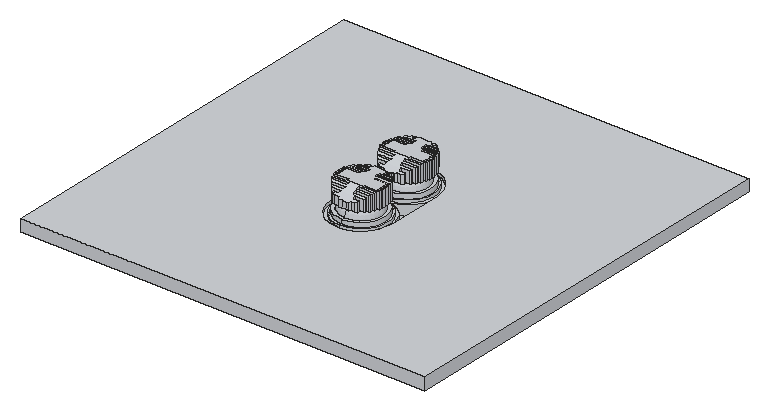
Revit family "Quinta-C100-Square-Double", category Lighting Fixtures, Revit 2014
Parameters (values of type "Quinta C100 Square Double")
  Wattage Comments = "8.3 (each)"
  Wattage = 8.3 W
  built-in parameter 1150110 = 1 (stored number, unit not read)
  Type Comments = "Recessed"
  Type = "Recessed Downlighter"
  built-in parameter 1114217 = 1 (stored number, unit not read)
  built-in parameter 1150109 = 1 (stored number, unit not read)
  built-in parameter 1150134 = (empty or 0)
  built-in parameter 1150113 = 1 (stored number, unit not read)
  Light Source Symbol Size = 609.6 mm
  Dimension (mm) = "186 x 100"
  Model = "Quinta C100 Square Double"
  Manufacturer = "Designed Architectural Lighting"
  Luminous flux of luminaire (lm) = "Up to 1051 lumens (each)"
  Lumens = 1049.95 lm
  built-in parameter 1150115 = 1 (stored number, unit not read)
  built-in parameter 1150105 = 334.21 (stored number, unit not read)
  built-in parameter 1150137 = (empty or 0)
  built-in parameter 1150139 = (empty or 0)
  built-in parameter 1150112 = 1 (stored number, unit not read)
  built-in parameter 1150114 = 1 (stored number, unit not read)
  Lamp = "LED"
  built-in parameter 1150132 = (empty or 0)
  built-in parameter 1150102 = (empty or 0)
  built-in parameter 1150138 = (empty or 0)
  built-in parameter 1150107 = 3000 (stored number, unit not read)
  built-in parameter 1150106 = 3.3421 (stored number, unit not read)
  Height (mm) = "67"
  built-in parameter 1150104 = 11.752 (stored number, unit not read)
  Dimming Lamp Color Temperature Shift = <None>
  Description = "Recessed directional LED downlighter"
  Colour temperature (K) = "2700 / 3000 / 4000"
  Color Filter = 16777215
  CRI = "80"
  built-in parameter 1114218 = 1 (stored number, unit not read)
  built-in parameter 1150133 = 10 (stored number, unit not read)
  Apparent Load = 16.6 VA
Reference planes
  plane 1 "Light Source Axis (F/B)": y = 0
  plane 2: z = 0
  plane 3 "Light Source Axis (L/R)": x = 0
  plane 4 "Light Source Elevation": z = 0
Forms (mm)
  Extrusion 1, solid
    sketch origin (-38.915, -66.181, 0) x (1, 0, 0) y (0, 1, 0)
      loop
        line (-261.085, 366.181) -> (-261.085, -233.819) -> (338.915, -233.819) -> (338.915, 366.181) -> (-261.085, 366.181)
      loop
        arc (-6.085, 23.681) -> (38.915, -21.319) -> (83.915, 23.681) r 45
        line (83.915, 23.681) -> (83.915, 108.681)
        arc (83.915, 108.681) -> (38.915, 153.681) -> (-6.085, 108.681) r 45
        line (-6.085, 108.681) -> (-6.085, 23.681)
    from 0 to 18
  Revolve 2, solid
    sketch origin (0, 42.615, 9.851) x (0, 1, 0) y (0, 0, 1)
      loop
        line (23.648, 29.403) -> (23.648, 5.332) -> (22.618, 4.737) -> (22.618, 1.504) -> (20.518, 1.504) -> (20.518, -0.401) -> (25.518, -0.401)
        arc (25.518, -0.401) -> (26.254, -0.22) -> (26.779, 0.327) r 1.359
        arc (26.779, 0.327) -> (29.626, 15.34) -> (23.648, 29.403) r 26.302
      loop
        arc (6.307, 31.652) -> (13.745, 17.066) -> (19.647, 1.795) r 159.428
        line (19.647, 1.795) -> (22.351, 1.795) -> (22.351, 3.53) -> (20.518, 3.53)
        arc (20.518, 3.53) -> (19.971, 3.756) -> (19.745, 4.303) r 0.773
        arc (19.745, 4.303) -> (14.543, 18.233) -> (8.136, 31.652) r 168.987
        line (8.136, 31.652) -> (6.307, 31.652)
      axis (0, 31.652) -> (0, -0.401)
    angle from 0 to 360
  Revolve 3, solid
    sketch origin (0, 44.177, 2.039) x (0, 1, 0) y (0, 0, 1)
      loop
        line (32.277, -4.238) -> (32.277, -1.562) -> (42.195, -1.563) -> (42.195, 13.144) -> (37.99, 13.144) -> (37.99, 16.902) -> (35.753, 16.902) -> (35.753, 15.244) -> (33.991, 15.244) -> (33.991, 22.55) -> (28.991, 22.55) -> (28.991, 12.55) -> (27.463, 12.55)
        arc (27.463, 12.55) -> (30.836, 4.433) -> (32.277, -4.238) r 38.453
      axis (-1.25, 22.55) -> (-1.25, -4.238)
    angle from 0 to 360
  Revolve 4, solid
    sketch origin (0, 42.615, 24.226) x (0, 1, 0) y (0, 0, 1)
      loop
        line (0, 17.258) -> (15, 17.258) -> (15, 20.342) -> (0, 20.342) -> (0, 17.258)
      axis (0, 20.342) -> (0, 17.258)
    angle from 0 to 360
  Extrusion 5, solid
    sketch origin (-134.655, 42.615, 0) x (1, 0, 0) y (0, 1, 0)
      loop
        line (137.741, 33.016) -> (133.896, 33.016) -> (128.121, 33.016) -> (126.853, 31.748) -> (121.853, 31.748) -> (117.155, 30.037) -> (117.155, 29.216) -> (124.321, 29.216) -> (124.321, 26.255) -> (112.585, 26.255) -> (110.97, 24.64) -> (110.97, 23.63) -> (128.13, 23.63) -> (128.13, 20.669) -> (107.74, 20.669) -> (106.495, 19.424) -> (106.495, 18.381) -> (128.13, 18.381) -> (128.13, 15.488) -> (104.981, 15.488) -> (104.106, 15.488) -> (104.106, 12.46) -> (123.689, 12.46) -> (123.689, 9.633) -> (102.761, 9.633) -> (101.818, 9.633) -> (101.818, 7.413) -> (106.495, 7.413) -> (106.495, 4.25) -> (100.944, 4.25) -> (100.944, 1.424) -> (105.944, 1.424) -> (105.944, -1.604) -> (100.944, -1.604) -> (100.944, -3.997) -> (105.944, -3.997) -> (105.944, -7.272) -> (101.818, -7.272) -> (101.818, -9.508) -> (123.689, -9.508) -> (123.689, -13.008) -> (104.106, -13.008) -> (104.106, -15.296) -> (128.13, -15.296) -> (128.13, -18.189) -> (106.495, -18.189) -> (106.495, -19.23) -> (108.15, -20.885) -> (128.13, -20.885) -> (128.13, -23.693) -> (110.958, -23.693) -> (110.958, -24.678) -> (112.459, -26.178) -> (125.077, -26.178) -> (125.077, -29.146) -> (117.128, -29.146) -> (117.128, -30.167) -> (120.985, -31.965) -> (127.151, -31.965) -> (128.408, -33.223) -> (132.466, -33.223) -> (139.171, -33.223) -> (143.228, -33.223) -> (144.486, -31.965) -> (150.652, -31.965) -> (154.509, -30.167) -> (154.509, -29.146) -> (146.56, -29.146) -> (146.56, -26.178) -> (159.178, -26.178) -> (160.679, -24.678) -> (160.679, -23.693) -> (143.507, -23.693) -> (143.507, -20.885) -> (163.487, -20.885) -> (165.142, -19.23) -> (165.142, -18.189) -> (143.507, -18.189) -> (143.507, -15.296) -> (167.53, -15.296) -> (167.53, -13.008) -> (147.948, -13.008) -> (147.948, -9.508) -> (169.818, -9.508) -> (169.818, -7.272) -> (165.693, -7.272) -> (165.693, -3.997) -> (170.693, -3.997) -> (170.693, -1.604) -> (165.693, -1.604) -> (165.693, 1.424) -> (170.693, 1.424) -> (170.693, 4.25) -> (165.142, 4.25) -> (165.142, 7.413) -> (169.818, 7.413) -> (169.818, 9.633) -> (168.876, 9.633) -> (147.948, 9.633) -> (147.948, 12.46) -> (167.53, 12.46) -> (167.53, 15.488) -> (166.656, 15.488) -> (143.507, 15.488) -> (143.507, 18.381) -> (165.142, 18.381) -> (165.142, 19.424) -> (163.897, 20.669) -> (143.507, 20.669) -> (143.507, 23.63) -> (160.667, 23.63) -> (160.667, 24.64) -> (159.052, 26.255) -> (147.316, 26.255) -> (147.316, 29.216) -> (154.482, 29.216) -> (154.482, 30.037) -> (149.784, 31.748) -> (144.784, 31.748) -> (143.515, 33.016) -> (137.741, 33.016)
    from 38.778 to 62.945
  Extrusion 6, void
    sketch origin (0, 42.615, 0.164) x (0, 1, 0) y (0, 0, 1)
      loop
        line (-1.593, 64.492) -> (-1.593, 65.51) -> (-35.799, 65.51) -> (-35.799, 45.51)
        arc (-35.799, 45.51) -> (-20.941, 59.046) -> (-1.593, 64.492) r 43.666
    from -36.333 to 39.554
  Extrusion 7, void
    sketch origin (0, 42.615, 0.476) x (0, 1, 0) y (0, 0, 1)
      loop
        line (33.846, 38.172) -> (33.846, 50.633) -> (31.273, 49.433)
        arc (31.273, 49.433) -> (28.183, 45.18) -> (23.183, 43.555) r 8.507
        line (23.183, 43.555) -> (15.488, 43.555) -> (15.488, 38.172) -> (33.846, 38.172)
    from -36.333 to 36.038
  Extrusion 8, solid
    sketch origin (0, 42.615, 0) x (1, 0, 0) y (0, 1, 0)
      loop
        line (20.92, 1.153) -> (20.92, -1.157) -> (23.774, -1.157) -> (23.774, 1.153) -> (20.92, 1.153)
    from 7.008 to 8.974
  Extrusion 9, solid
    sketch origin (-54.673, 42.615, 0) x (1, 0, 0) y (0, 1, 0)
      loop
        line (30.708, 1.153) -> (30.708, -1.157) -> (33.799, -1.157) -> (33.799, 1.153) -> (30.708, 1.153)
    from 7.008 to 8.974
  Extrusion 10, solid
    sketch origin (0, 42.927, 0) x (1, 0, 0) y (0, 1, 0)
      loop
        line (-50.099, 49.764) -> (-50.099, -135.861) -> (49.901, -135.861) -> (49.901, 49.764) -> (-50.099, 49.764)
      loop
        circle (0, 0.072) r 34
      loop
        circle (0, -85.584) r 33.539
    from 0 to -2.675
  Revolve 11, solid
    sketch origin (0, -43.01, 9.851) x (0, 1, 0) y (0, 0, 1)
      loop
        line (23.648, 29.403) -> (23.648, 5.332) -> (22.618, 4.737) -> (22.618, 1.504) -> (20.518, 1.504) -> (20.518, -0.401) -> (25.518, -0.401)
        arc (25.518, -0.401) -> (26.254, -0.22) -> (26.779, 0.327) r 1.359
        arc (26.779, 0.327) -> (29.626, 15.34) -> (23.648, 29.403) r 26.302
      loop
        arc (6.307, 31.652) -> (13.745, 17.066) -> (19.647, 1.795) r 159.428
        line (19.647, 1.795) -> (22.351, 1.795) -> (22.351, 3.53) -> (20.518, 3.53)
        arc (20.518, 3.53) -> (19.971, 3.756) -> (19.745, 4.303) r 0.773
        arc (19.745, 4.303) -> (14.543, 18.233) -> (8.136, 31.652) r 168.987
        line (8.136, 31.652) -> (6.307, 31.652)
      axis (0, 31.652) -> (0, -0.401)
    angle from 0 to 360
  Revolve 12, solid
    sketch origin (0, -41.448, 2.039) x (0, 1, 0) y (0, 0, 1)
      loop
        line (32.277, -4.238) -> (32.277, -1.562) -> (42.195, -1.563) -> (42.195, 13.144) -> (37.99, 13.144) -> (37.99, 16.902) -> (35.753, 16.902) -> (35.753, 15.244) -> (33.991, 15.244) -> (33.991, 22.55) -> (28.991, 22.55) -> (28.991, 12.55) -> (27.463, 12.55)
        arc (27.463, 12.55) -> (30.836, 4.433) -> (32.277, -4.238) r 38.453
      axis (-1.25, 22.55) -> (-1.25, -4.238)
    angle from 0 to 360
  Revolve 13, solid
    sketch origin (0, -43.01, 24.226) x (0, 1, 0) y (0, 0, 1)
      loop
        line (0, 17.258) -> (15, 17.258) -> (15, 20.342) -> (0, 20.342) -> (0, 17.258)
      axis (0, 20.342) -> (0, 17.258)
    angle from 0 to 360
  Extrusion 14, solid
    sketch origin (-134.655, -43.01, 0) x (1, 0, 0) y (0, 1, 0)
      loop
        line (137.741, 33.016) -> (133.896, 33.016) -> (128.121, 33.016) -> (126.853, 31.748) -> (121.853, 31.748) -> (117.155, 30.037) -> (117.155, 29.216) -> (124.321, 29.216) -> (124.321, 26.255) -> (112.585, 26.255) -> (110.97, 24.64) -> (110.97, 23.63) -> (128.13, 23.63) -> (128.13, 20.669) -> (107.74, 20.669) -> (106.495, 19.424) -> (106.495, 18.381) -> (128.13, 18.381) -> (128.13, 15.488) -> (104.981, 15.488) -> (104.106, 15.488) -> (104.106, 12.46) -> (123.689, 12.46) -> (123.689, 9.633) -> (102.761, 9.633) -> (101.818, 9.633) -> (101.818, 7.413) -> (106.495, 7.413) -> (106.495, 4.25) -> (100.944, 4.25) -> (100.944, 1.424) -> (105.944, 1.424) -> (105.944, -1.604) -> (100.944, -1.604) -> (100.944, -3.997) -> (105.944, -3.997) -> (105.944, -7.272) -> (101.818, -7.272) -> (101.818, -9.508) -> (123.689, -9.508) -> (123.689, -13.008) -> (104.106, -13.008) -> (104.106, -15.296) -> (128.13, -15.296) -> (128.13, -18.189) -> (106.495, -18.189) -> (106.495, -19.23) -> (108.15, -20.885) -> (128.13, -20.885) -> (128.13, -23.693) -> (110.958, -23.693) -> (110.958, -24.678) -> (112.459, -26.178) -> (125.077, -26.178) -> (125.077, -29.146) -> (117.128, -29.146) -> (117.128, -30.167) -> (120.985, -31.965) -> (127.151, -31.965) -> (128.408, -33.223) -> (132.466, -33.223) -> (139.171, -33.223) -> (143.228, -33.223) -> (144.486, -31.965) -> (150.652, -31.965) -> (154.509, -30.167) -> (154.509, -29.146) -> (146.56, -29.146) -> (146.56, -26.178) -> (159.178, -26.178) -> (160.679, -24.678) -> (160.679, -23.693) -> (143.507, -23.693) -> (143.507, -20.885) -> (163.487, -20.885) -> (165.142, -19.23) -> (165.142, -18.189) -> (143.507, -18.189) -> (143.507, -15.296) -> (167.53, -15.296) -> (167.53, -13.008) -> (147.948, -13.008) -> (147.948, -9.508) -> (169.818, -9.508) -> (169.818, -7.272) -> (165.693, -7.272) -> (165.693, -3.997) -> (170.693, -3.997) -> (170.693, -1.604) -> (165.693, -1.604) -> (165.693, 1.424) -> (170.693, 1.424) -> (170.693, 4.25) -> (165.142, 4.25) -> (165.142, 7.413) -> (169.818, 7.413) -> (169.818, 9.633) -> (168.876, 9.633) -> (147.948, 9.633) -> (147.948, 12.46) -> (167.53, 12.46) -> (167.53, 15.488) -> (166.656, 15.488) -> (143.507, 15.488) -> (143.507, 18.381) -> (165.142, 18.381) -> (165.142, 19.424) -> (163.897, 20.669) -> (143.507, 20.669) -> (143.507, 23.63) -> (160.667, 23.63) -> (160.667, 24.64) -> (159.052, 26.255) -> (147.316, 26.255) -> (147.316, 29.216) -> (154.482, 29.216) -> (154.482, 30.037) -> (149.784, 31.748) -> (144.784, 31.748) -> (143.515, 33.016) -> (137.741, 33.016)
    from 38.778 to 62.945
  Extrusion 15, void
    sketch origin (0, -43.01, 0.164) x (0, 1, 0) y (0, 0, 1)
      loop
        line (-1.593, 64.492) -> (-1.593, 65.51) -> (-35.799, 65.51) -> (-35.799, 45.51)
        arc (-35.799, 45.51) -> (-20.941, 59.046) -> (-1.593, 64.492) r 43.666
    from -36.333 to 39.554
  Extrusion 16, void
    sketch origin (0, -43.01, 0.476) x (0, 1, 0) y (0, 0, 1)
      loop
        line (33.846, 38.172) -> (33.846, 50.633) -> (31.273, 49.433)
        arc (31.273, 49.433) -> (28.183, 45.18) -> (23.183, 43.555) r 8.507
        line (23.183, 43.555) -> (15.488, 43.555) -> (15.488, 38.172) -> (33.846, 38.172)
    from -36.333 to 36.038
  Extrusion 17, solid
    sketch origin (0, -43.01, 0) x (1, 0, 0) y (0, 1, 0)
      loop
        line (20.92, 1.153) -> (20.92, -1.157) -> (23.774, -1.157) -> (23.774, 1.153) -> (20.92, 1.153)
    from 7.008 to 8.974
  Extrusion 18, solid
    sketch origin (-54.673, -43.01, 0) x (1, 0, 0) y (0, 1, 0)
      loop
        line (30.708, 1.153) -> (30.708, -1.157) -> (33.799, -1.157) -> (33.799, 1.153) -> (30.708, 1.153)
    from 7.008 to 8.974
Cuts and joins
  Extrusion 6, Extrusion 7, Extrusion 15, Extrusion 16 cuts Extrusion 5
  Extrusion 15 cuts Extrusion 14
  Extrusion 16 cuts Revolve 2
  Extrusion 16 cuts Revolve 11
Dimensions and locks
  aligned and locked: plane 3 "Light Source Axis (L/R)" to imposter light
  aligned and locked: plane 1 "Light Source Axis (F/B)" to imposter light
  aligned and locked: plane 4 "Light Source Elevation" to imposter light
  aligned and locked: level to plane 2
